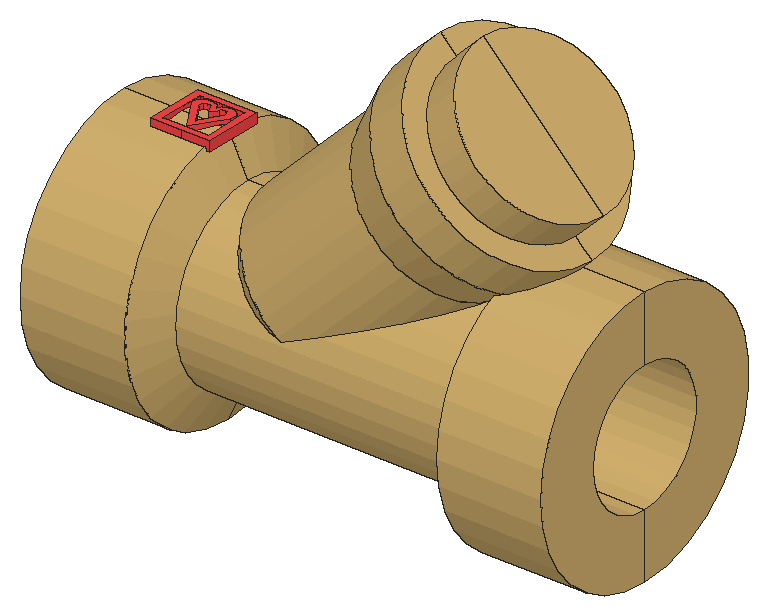
Revit family "Фильтр-грязевик 2662", category Rohrzubehör, Revit 2018
Family settings
  Bemaßung runder Anschluss = Durchmesser verwenden
  Teiletyp = Unterbricht
  OmniClass-Nummer = 23.65.55.14
  OmniClass-Titel = Valves for Liquid Services
  Arbeitsebenenbasiert = Nein
  Immer vertikal = Ja
  Beim Laden mit Abzugskörper schneiden = Nein
  Gemeinsam genutzt = Nein
Parameters
  Номер заказа [instance] = size_lookup("2662_", "Artnr", 0, Nennweite)  # 1266202
  Мин. рабочая температура (вода) = 0.5 °C  # constant formula
  Мин. рабочая температура = -30 °C  # constant formula
  Макс. рабочая температура (вода) = 95 °C  # constant formula
  Макс. рабочая температура = 130 °C  # constant formula
  Макс. рабочее давление = 2500000.0 Pa  # constant formula
  W01 = 45.00°  # constant formula
  URL = "www.herz-armaturen.ru"
  Заглушка = "штампованная латунь CW 617N"  # constant formula
  Фильтрующий элемент = "нержавеющая сталь, размер ячейки 0,5 мм"  # constant formula
  SW01 [instance] = size_lookup("2662_", "SW1", 12.000 mm, Nennweite)  # 13.000 mm
  SCTWSEQ = "AW;SBT_TYP_AW=\"112\";2"
  SCTWCODE = "04;16;02"  # constant formula
  SCRNSEQ = "AWI;AWI_TYP=\"1011\";2"
  SCRNCODE = "05;15;02"  # constant formula
  S01 [instance] = R01 * 2  # 40.000 mm
  R07 [instance] = size_lookup("2662_", "R7", 13.000 mm, Nennweite)  # 16.500 mm
  R06 [instance] = size_lookup("2662_", "R6", 11.500 mm, Nennweite)  # 14.000 mm
  R05 [instance] = Nennweite / 2  # 10.000 mm
  R03 [instance] = size_lookup("2662_", "R3", 11.500 mm, Nennweite)  # 14.000 mm
  R02 [instance] = Nennweite / 2  # 10.000 mm
  R01 [instance] = (Nennweite / 2) + 10.000 mm  # 20.000 mm
  Nennweite [instance] = 20.000 mm
  Среда = "Качество теплоносителя в соответствии с ÖNORM H5195 и/или предписаниями VDI-Standard 2035. \nРазрешается использование смеси этилен или пропиленгликоля в соотношении 25-50% с водой. Пожалуйста, обратитесь к документации производителя, при использовании этиленгликоля и пропиленгликоля в целях защиты от замерзания. Прокладки EPDM могут быть подвержены воздействию минеральных смазочных масел, что может служить причиной выхода из строя данных уплотнений."
  L16 [instance] = L03 / 2  # 7.750 mm
  L15 [instance] = R01 - 1.000 mm  # 19.000 mm
  L14 [instance] = L06 - L08  # 8.000 mm
  L11 [instance] = size_lookup("2662_", "L11", 4.500 mm, Nennweite)  # 6.000 mm
  L09 [instance] = size_lookup("2662_", "L9", 9.000 mm, Nennweite)  # 7.000 mm
  L08 [instance] = size_lookup("2662_", "L8", 23.500 mm, Nennweite)  # 32.000 mm
  L07 [instance] = size_lookup("2662_", "L7", 11.000 mm, Nennweite)  # 13.000 mm
  L06 [instance] = size_lookup("2662_", "L6", 36.500 mm, Nennweite) - L09  # 40.000 mm
  L03 [instance] = size_lookup("2662_", "L3", 15.000 mm, Nennweite)  # 15.500 mm
  L02 [instance] = size_lookup("2662_", "L2", 14.000 mm, Nennweite)  # 21.000 mm
  L01 [instance] = size_lookup("2662_", "L1", 17.000 mm, Nennweite)  # 16.000 mm
  L00 [instance] = size_lookup("2662_", "L", 68.000 mm, Nennweite)  # 80.000 mm
  Внутренняя резьба = "в соответствии с ISO 228-1"  # constant formula
  Hersteller = "Herz-Armaturen GmbH"  # constant formula
  Корпус (DN50) = "литая латунь в соотв. с EN 1982; CC770S"  # constant formula
  Корпус (DN15-DN40) = "штампованная латунь CW 617N"  # constant formula
  Уплотнения = "EPDM"  # constant formula
  Область применения = "Фильтры устанавливаются с целью защиты клапанов от мелких частиц грязи в системах отопления и \nхолодоснабжения. Ароматические хлорированные углеводороды, такие как природный газ или продукты нефтепереработки, разрушают уплотнения из EPDM."
Reference planes
  plane 1 "Mitte (Vorne/hinten)": y = 0
  plane 2: z = 0
  plane 3 "Mitte (Links/rechts)": x = 0
Forms (mm)
  Revolve 1, solid, material "Messing", detail levels fine
    sketch origin (470, 0, 0) x (1, 0, 0) y (0, 0, 1)
      loop
        line (-510, 10) -> (-494.5, 10) -> (-494.5, 0) -> (-445.5, 0) -> (-445.5, 10) -> (-430, 10) -> (-430, 20) -> (-446, 20) -> (-449, 14) -> (-491, 14) -> (-494, 20) -> (-510, 20) -> (-510, 10)
      axis (-510, 0) -> (-430, 0)
    angle from 0 to 360
  Revolve 2, solid, material "Messing", detail levels fine
    sketch origin (0.32, 0, -0.105) x (1, 0, 0) y (0, 0, 1)
      loop
        line (-13.32, 0) -> (24.157, 37.477) -> (14.964, 46.669) -> (10.722, 42.426) -> (8.247, 44.901) -> (3.297, 39.952) -> (-0.592, 32.527) -> (-17.563, 15.556) -> (-20.391, 7.071) -> (-13.32, 0)
      axis (-13.32, 0) -> (24.157, 37.477)
    angle from 0 to 360
Lines and regions (mm)
  model lines, detail levels coarse+medium
    curve 1: line (-40, 0, 20) -> (40, 0, 20)
    curve 2: line (-40, 0, -20) -> (-40, 0, 20)
    curve 3: line (40, 0, -20) -> (-40, 0, -20)
    curve 4: line (40, 0, 20) -> (40, 0, -20)
    curve 6: line (-40, 20, 0) -> (40, 20, 0)
    curve 7: line (-40, -20, 0) -> (-40, 20, 0)
    curve 8: line (40, -20, 0) -> (-40, -20, 0)
    curve 9: line (40, 20, 0) -> (40, -20, 0)
    curve 10: line (40, -20, 0) -> (-40, 20, 0)
  symbolic lines, style "PipeAccessory"
    curve 5: line (40, 0, -20) -> (-40, 0, 20)
Dimensions and locks
  "L00": Revolve 1 sketch curve to Revolve 1 sketch curve
  equal spacing: Revolve 1 sketch curve, plane 3 "Mitte (Links/rechts)", Revolve 1 sketch curve
  "R01": Revolve 1 sketch curve to Revolve 1 sketch curve  (x2)
  "R02": Revolve 1 sketch curve to Revolve 1 sketch curve  (x2)
  "L01": Revolve 1 sketch curve to Revolve 1 sketch curve  (x2)
  "L02": plane 3 "Mitte (Links/rechts)" to Revolve 1 sketch curve
  "L02": Revolve 1 sketch curve to plane 3 "Mitte (Links/rechts)"
  "R03": Revolve 1 sketch curve to Revolve 1 sketch curve
  "L03": Revolve 1 sketch curve to Revolve 1 sketch curve  (x2)
  "L11": Revolve 2 sketch curve to Revolve 2 sketch curve
  "L07": plane 3 "Mitte (Links/rechts)" to Revolve 2 sketch curve  (x2)
  "R05": Revolve 2 sketch curve to Revolve 2 sketch curve
  "L06": Revolve 2 sketch curve to Revolve 2 sketch curve
  "L08": Revolve 2 sketch curve to Revolve 2 sketch curve
  "R06": Revolve 2 sketch curve to Revolve 2 sketch curve
  "L14": Revolve 2 sketch curve to Revolve 2 sketch curve
  "L15": nested 1 to plane 2
  "L16": Revolve 1 to nested 1
  equal spacing: curve 7, plane 3 "Mitte (Links/rechts)", curve 9
  "L00": curve 7 to curve 9
  "S01": curve 6 to curve 8
  equal spacing: curve 4, plane 3 "Mitte (Links/rechts)", curve 2
  "L00": curve 4 to curve 2
  equal spacing: curve 1, plane 2, curve 3
  "S01": curve 1 to curve 3
  equal spacing: curve 8, plane 1 "Mitte (Vorne/hinten)", curve 6
  "L09": Revolve 2 sketch curve to Revolve 2 sketch curve
  "R07": Revolve 2 sketch curve to Revolve 2 sketch curve
  "SW01": Revolve 2 sketch curve to Revolve 2 sketch curve
  "W01": angle plane 2 to Revolve 2 sketch curve
  "W01": angle level to Revolve 2 sketch curve
  aligned and locked: level to plane 2
Automatic sketch dimensions
  Revolve 1 sketch curve to level = 0.000 mm  (x2)
  Revolve 1 sketch curve to Revolve 1 sketch curve = 791.990 mm
  Revolve 1 sketch curve to Revolve 1 sketch curve = 2278.983 mm
  Revolve 2 sketch curve to level = 0.105 mm
  Revolve 2 sketch curve to Revolve 2 sketch curve = 0.000 mm
Nested families
  nested 1: "Herz-Logo" at (-27.732, 0, 19), type "Herz-Logo", detail levels fine
Connectors
  piping at (-24.5, 0, 0), diameter 20, driven by "Nennweite"
    settings: on Revolve 1, index 1, connector inside diameter 609.6 mm, connector length 0.000 mm, flow factor 0, pipe flow 0.0 L/s, pressure drop 0.0 Pa, fitting loss kfactor 0, connector angle 0.00°, fixture units 0, engagement length 0.000 mm, angle of deflection 0.00°, flow configuration 0, flow direction 1, fitting loss method 0, system type 29, joint type 0, gender type 0, connector reference index -1, connector utility 0, adjustable connector no, is connector primary yes, connector description ""
  piping at (24.5, 0, 0), diameter 20, driven by "Nennweite"
    settings: on Revolve 1, index 2, connector inside diameter 609.6 mm, connector length 0.000 mm, flow factor 0, pipe flow 0.0 L/s, pressure drop 0.0 Pa, fitting loss kfactor 0, connector angle 0.00°, fixture units 0, engagement length 0.000 mm, angle of deflection 0.00°, flow configuration 0, flow direction 2, fitting loss method 0, system type 29, joint type 0, gender type 0, connector reference index -1, connector utility 0, adjustable connector no, is connector primary no, connector description ""
Definition of nested family "Herz-Logo"
  Reference planes
    plane 1 "Mitte (Vorne/hinten)": y = 0
    plane 2: z = 0
    plane 3 "Mitte (Links/rechts)": x = 0
  Forms (mm)
    Extrusion 1, solid
      sketch origin (0, 0, 0) x (1, 0, 0) y (0, 1, 0)
        loop
          line (-0.018, -4.517) -> (4.482, -4.517) -> (4.482, 4.483) -> (-4.518, 4.483) -> (-4.518, -4.517) -> (-0.018, -4.517)
        loop
          line (-0.05, -3.48) -> (3.482, -3.48) -> (3.482, 3.483) -> (-3.518, 3.483) -> (-3.518, -3.48) -> (-0.05, -3.48)
        loop
          arc (-0.018, 2.383) -> (-1.543, 3.287) -> (-3.067, 2.383) r 1.738
          arc (-3.067, 2.383) -> (-3.191, 1.899) -> (-3.067, 1.415) r 1.009
          line (-3.067, 1.415) -> (-0.018, -3.281) -> (3.032, 1.415)
          arc (3.032, 1.415) -> (3.156, 1.899) -> (3.032, 2.383) r 1.009
          arc (3.032, 2.383) -> (1.507, 3.287) -> (-0.018, 2.383) r 1.738
        loop
          arc (1.885, 1.272) -> (2.005, 1.675) -> (1.885, 2.079) r 0.74
          arc (1.885, 2.079) -> (1.265, 2.416) -> (0.644, 2.079) r 0.74
          line (0.644, 2.079) -> (-0.018, 0.97) -> (-0.679, 2.079)
          arc (-0.679, 2.079) -> (-1.3, 2.416) -> (-1.921, 2.079) r 0.74
          arc (-1.921, 2.079) -> (-2.04, 1.675) -> (-1.921, 1.272) r 0.74
          line (-1.921, 1.272) -> (-0.018, -1.658) -> (1.885, 1.272)
      from 0 to 1.5
  Dimensions and locks
    aligned and locked: level to plane 2
